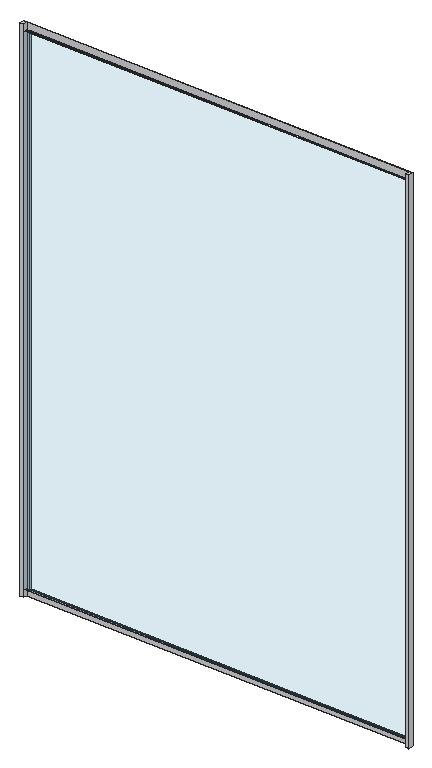
Revit family "ALSPEC HASTINGS 150 DGL GLZ", category Curtain Panels, Revit 2017
Family settings
  OmniClass Number = 23.25.20.14.11.11.17
  OmniClass Title = Infill Panels
  Always vertical = Yes
  Cut with Voids When Loaded = No
  Shared = No
Parameters
  YEAR = "2019"
  VERSION = "1.0"
  TODAYS DATE = "01.03.2019"
  OFFSET = 89 mm
  DOUBLE GLAZED THICKNESS = 25 mm
  CREATOR = " Scott Isouard"  # constant formula
  COMPANY = "Archvis"  # constant formula
  Analytic Construction = "<None>"
  ANZRC Compliant = yes
  A = if(DOUBLE GLAZED THICKNESS > 30 mm, 30 mm, if(DOUBLE GLAZED THICKNESS < 24 mm, 24 mm, DOUBLE GLAZED THICKNESS))  # 25 mm
Reference planes
  plane 1 "Center (Front/Back)": y = 0
  plane 2: z = 0
  plane 3 "Center (Left/Right)": x = 0
  plane 4 "Left": x = -1500
  plane 5 "Right": x = 1500
  plane 6 "Top": z = 4000
  plane 7: y = 83
  plane 8: x = -1550
  plane 9: x = 1550
  plane 10: z = -50
  plane 11: z = 4050
  plane 12: y = 89
  plane 13: y = 70.4
  plane 14: y = 64
Forms (mm)
  Extrusion 1, solid, material "Glass"
    sketch origin (0, 0, 0) x (1, 0, 0) y (0, 1, 0)
      loop
        line (-1525, 83) -> (1525, 83) -> (1525, 89) -> (-1525, 89) -> (-1525, 83)
      loop
        line (-1525, 70.4) -> (-1525, 64) -> (1525, 64) -> (1525, 70.4) -> (-1525, 70.4)
    from 0 to 4000
  Extrusion 2, solid
    sketch origin (-640, 0, 0) x (1, 0, 0) y (0, 1, 0)
      loop
        line (-860, 89) -> (2140, 89) -> (2140, 96) -> (-860, 96) -> (-860, 89)
    from 0 to -50
  Extrusion 3, solid
    sketch origin (-560, 0, 0) x (1, 0, 0) y (0, 1, 0)
      loop
        line (-940, 89) -> (2060, 89) -> (2060, 96) -> (-940, 96) -> (-940, 89)
    from 4050 to 4000
  Extrusion 4, solid
    sketch origin (0, 29, 0) x (1, 0, 0) y (0, 1, 0)
      loop
        line (-1550, 67) -> (-1550, 28) -> (-1525, 28) -> (-1525, 60) -> (-1500, 60) -> (-1500, 67) -> (-1550, 67)
    from -50 to 4050
  Extrusion 5, solid
    sketch origin (0, 29, 0) x (-1, 0, 0) y (0, -1, 0)
      loop
        line (-1550, -67) -> (-1500, -67) -> (-1500, -60) -> (-1525, -60) -> (-1525, -28) -> (-1550, -28) -> (-1550, -67)
    from -50 to 4050
Cuts and joins
  joined: Extrusion 2, Extrusion 3, Extrusion 4, Extrusion 5
Text (mm)
  text "Exterior" at (-2351.972, 1416.179, 0), in view "Ref. Level"
  text "Exterior" at (0, 2290.741, 4406.713), in view "Left"
  text "Exterior" at (0, 1328.187, 4120.349), in view "Right"
Dimensions and locks
  equal spacing: plane 4 "Left", plane 3 "Center (Left/Right)", plane 5 "Right"
  locked: plane 8 to plane 4 "Left" at 50
  locked: plane 5 "Right" to plane 9 at 50
  locked: plane 10 to plane 2 at 50
  locked: plane 6 "Top" to plane 11 at 50
  locked: Extrusion 4 sketch curve to Extrusion 4 sketch curve at 39
  locked: Extrusion 4 sketch curve to Extrusion 4 sketch curve at 25  (x2)
  locked: Extrusion 4 sketch curve to Extrusion 4 sketch curve at 7
  locked: Extrusion 5 sketch curve to Extrusion 5 sketch curve at 39
  locked: Extrusion 5 sketch curve to Extrusion 5 sketch curve at 25  (x2)
  Extrusion 5 sketch curve to Extrusion 5 sketch curve = 7 mm
  "OFFSET": plane 1 "Center (Front/Back)" to plane 12
  locked: plane 13 to plane 14 at 6.4
  locked: plane 12 to plane 7 at 6
  "A": plane 12 to plane 14
  aligned and locked: Extrusion 1 to plane 6 "Top"
  aligned and locked: plane 4 "Left" to Extrusion 2
  aligned and locked: Extrusion 2 to plane 5 "Right"
  aligned and locked: plane 10 to Extrusion 2
  aligned and locked: Extrusion 3 to plane 11
  aligned and locked: Extrusion 3 to plane 5 "Right"
  aligned and locked: plane 4 "Left" to Extrusion 3
  aligned and locked: Extrusion 2 to plane 2
  aligned and locked: plane 11 to Extrusion 3
  aligned and locked: Extrusion 3 to plane 6 "Top"
  aligned: Extrusion 4 to plane 6 "Top"
  aligned: Extrusion 4 to level
  aligned and locked: plane 12 to Extrusion 4
  aligned and locked: plane 12 to Extrusion 5
  aligned and locked: plane 12 to Extrusion 2
  aligned and locked: Extrusion 3 to Extrusion 5  (x2)
  aligned: Extrusion 5 to plane 6 "Top"
  aligned: Extrusion 5 to plane 2
  aligned and locked: Extrusion 4 to Extrusion 3
  aligned and locked: Extrusion 2 to Extrusion 4
  aligned and locked: Extrusion 5 to Extrusion 2
  aligned and locked: Extrusion 1 sketch curve to plane 7
  aligned and locked: Extrusion 1 sketch curve to plane 13
  aligned and locked: Extrusion 1 sketch curve to plane 12
  aligned and locked: Extrusion 5 sketch curve to cut or joined group of Extrusion 2, Extrusion 3, Extrusion 4, Extrusion 5
Automatic sketch dimensions
  Extrusion 2 sketch curve to plane 4 "Left" = 0 mm
  Extrusion 2 sketch curve to plane 5 "Right" = 0 mm
  Extrusion 2 sketch curve to plane 1 "Center (Front/Back)" = 89 mm
  Extrusion 2 sketch curve to Extrusion 2 sketch curve = 7 mm
  Extrusion 3 sketch curve to plane 4 "Left" = 0 mm
  Extrusion 3 sketch curve to plane 5 "Right" = 0 mm
  Extrusion 3 sketch curve to plane 1 "Center (Front/Back)" = 89 mm
  Extrusion 3 sketch curve to Extrusion 3 sketch curve = 7 mm
  Extrusion 5 sketch curve to plane 9 = 0 mm
  plane 4 "Left" to Extrusion 1 sketch curve = 25 mm
  Extrusion 1 sketch curve to Extrusion 1 sketch curve = 0 mm  (x2)
  Extrusion 1 sketch curve to plane 5 "Right" = 25 mm
  plane 14 to Extrusion 1 sketch curve = 0 mm
  Extrusion 4 sketch curve to plane 8 = 0 mm
  plane 12 to Extrusion 4 sketch curve = 0 mm
